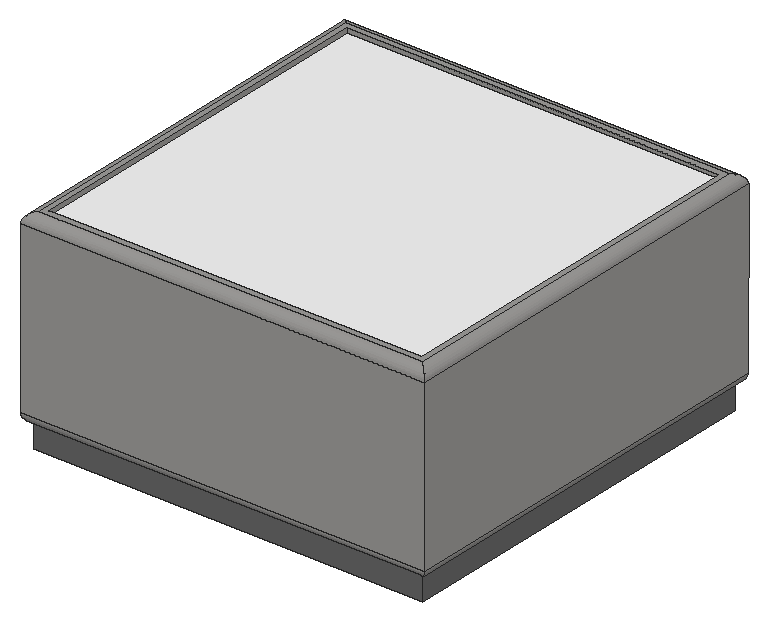
Revit family "FU_Modular_Sandler_Pau 1710LC", category Furniture, Revit 2020
Family settings
  OmniClass Number = 23.40.20.00
  OmniClass Title = General Furniture and Specialties
  Work Plane-Based = No
  Always vertical = Yes
  Cut with Voids When Loaded = No
  Shared = No
  Room Calculation Point = No
Parameters (values of type "PAU1710LC")
  Width = 800 mm
  URL = "https://www.sandlerseating.com/product/pau1710lc/"
  Top = Lacquer - W1 - W01 White
  Shell = Fabric - Gravity - Dove CPC17
  Model = "PAU1710LC"
  Manufacturer = "Sandler"
  Height = 420 mm
  Description = "Upholstered modular table 80x80cm with lacquered top in black or white."
  Depth = 800 mm
  Default Elevation = 0 mm
  Base = Lacquer - W1 - B00 Black
Reference planes
  plane 1 "Center (Front/Back)": y = 0
  plane 2: z = 0
  plane 3 "Center (Left/Right)": x = 0
  plane 4 "Right": x = -400
  plane 5 "Left": x = 400
  plane 6 "Back": y = 400
  plane 7 "Front": y = -400
  plane 8 "Height": z = 420
  plane 9 "Base Height": z = 48.485
  plane 10: x = -369
  plane 11: y = 369
  plane 12: y = -369
  plane 13: x = 369
  plane 14 "Top Top": z = 412
  plane 15 "Top Bottom": z = 392
Forms (mm)
  Extrusion 1, solid, material "Lacquer - W1 - B00 Black" <- "Base"
    sketch origin (0, 0, 0) x (1, 0, 0) y (0, 1, 0)
      loop
        line (-385, 385) -> (-385, -385) -> (385, -385) -> (385, 385) -> (-385, 385)
      loop
        line (-355, 355) -> (-355, -355) -> (355, -355) -> (355, 355) -> (-355, 355)
    from 0 to 48.485
  Sweep 2, solid, material "Fabric - Gravity - Dove CPC17" <- "Shell"
    path in 3D
      loop
        line (-369, -369, 420) -> (369, -369, 420) -> (369, 369, 420) -> (-369, 369, 420) -> (-369, -369, 420)
    profile "Pro_Pau_SeatEdge : Pro_Pau_SeatEdge" origin (-369, 0, 420) x (1, 0, 0) y (0, 0, 1)
      loop
        line (0, 0) -> (-11, 0)
        arc (-11, 0) -> (-25.142, -5.858) -> (-31, -20) r 20
        line (-31, -20) -> (-31, -355.5)
        arc (-31, -355.5) -> (-26.314, -366.814) -> (-15, -371.5) r 16
        line (-15, -371.5) -> (0, -371.5) -> (0, 0)
  Extrusion 3, solid, material "Lacquer - W1 - W01 White" <- "Top"
    sketch origin (0, 0, 392) x (0, -1, 0) y (1, 0, 0)
      loop
        line (-369, -369) -> (369, -369) -> (369, 369) -> (-369, 369) -> (-369, -369)
    from 0 to 20
Lines and regions (mm)
  sketch lines
    curve 1: line (-369, 369, 420) -> (-369, -369, 420)
    curve 2: line (-369, -369, 420) -> (369, -369, 420)
    curve 3: line (369, -369, 420) -> (369, 369, 420)
    curve 4: line (369, 369, 420) -> (-369, 369, 420)
Dimensions and locks
  equal spacing: plane 4 "Right", plane 3 "Center (Left/Right)", plane 5 "Left"
  "Width": plane 4 "Right" to plane 5 "Left"
  equal spacing: plane 6 "Back", plane 1 "Center (Front/Back)", plane 7 "Front"
  "Depth": plane 6 "Back" to plane 7 "Front"
  "Height": plane 8 "Height" to level
  plane 9 "Base Height" to level = 48.485 mm
  aligned and locked: level to plane 2
  aligned and locked: plane 9 "Base Height" to Extrusion 1
  aligned and locked: Extrusion 3 to plane 14 "Top Top"
Automatic sketch dimensions
  Extrusion 1 sketch curve to plane 4 "Right" = 15 mm
  Extrusion 1 sketch curve to Extrusion 1 sketch curve = 30 mm  (x2)
  plane 5 "Left" to Extrusion 1 sketch curve = 45 mm
  plane 5 "Left" to Extrusion 1 sketch curve = 15 mm
  plane 7 "Front" to Extrusion 1 sketch curve = 15 mm
  Extrusion 1 sketch curve to plane 6 "Back" = 45 mm
  Extrusion 1 sketch curve to plane 6 "Back" = 15 mm
  plane 11 to Extrusion 3 sketch curve = 0 mm
  Extrusion 3 sketch curve to plane 10 = 0 mm
  Extrusion 3 sketch curve to plane 12 = 0 mm
  Extrusion 3 sketch curve to plane 13 = 0 mm
